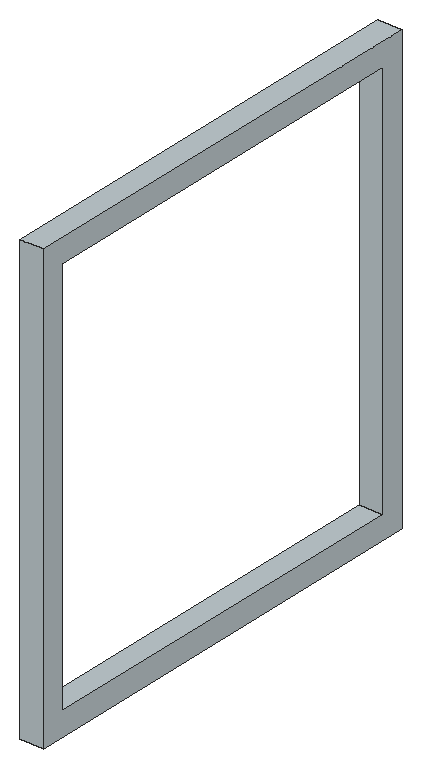
Revit family "CEASF", category Furniture, Revit 2023
Family settings
  OmniClass Number = 23.40.20.00
  OmniClass Title = General Furniture and Specialties
  Work Plane-Based = No
  Enable Cutting in Views = No
  Always vertical = Yes
  Cut with Voids When Loaded = No
  Render Appearance Source = Family Geometry
  Shared = Yes
  Room Calculation Point = No
Parameters (values of type "1 High")
  three = no
  Width = 0.625"
  Warranty = "http://www.teknion.com/ca/papers/legal-canada"
  Unit Weight URL = "http://www.teknion.com/ca/tools/assets#&asset=bee6a381-b954-425e-8283-5a2de3a804f2,f828d448-4b62-4231-9e5f-9a8991c0ed77"
  URL = "www.teknion.com"
  Two = no
  To render please download texture images found here [instance] = "https://assets.teknion.com/web/5e81352c1dfdb467/revit-material-swatches/"
  Sustainability Data = "https://www.teknion.com/ca/tools/assets#&topic=216f99a5-57a0-44fc-b10a-9dee9b29ae4c&asset=444deb64-fe58-4b68-981e-f75e97781df7,b4ff2d81-9f2e-437d-9659-7cffb09c31cf"
  Series = "Accesories"  # constant formula
  Product Page URL = "https://www.teknion.com/ca/products/product-details?productLineId=30ca1270-8e7a-673b-a6c8-ff05004460c4"
  Product Line = "Expansion Casework +"  # constant formula
  Product Documentation Link = "http://www.teknion.com/pricingguides/Casework/pdfs/CEASF_ppg.pdf\r\nhttp://www.teknion.com/pricingguides/Casework/pdfs/CEASF_ppg.pdf"
  Part Number = "CEASF1"
  Model = "CEASF"  # constant formula
  Manufacturer Phone = "416-661-3370"  # constant formula
  Manufacturer Fax = "416.661.4586"  # constant formula
  Manufacturer Contact Information = "http://www.teknion.com/ca/contactus"
  Manufacturer Address = "1150 Flint Road, Toronto, ON. M3J 2J5. Canada"  # constant formula
  Manufacturer = "Teknion"  # constant formula
  Length = 0.000"
  How To Use Teknion Materials User Guide [instance] = "https://assets.teknion.com/m/205dd0a49fa58060/original/How-to-add-a-Material-Library-and-Texture-Images-to-your-Revit-project.pdf"
  Height = if(Two, 23.374", if(three, 34.752", 12.000"))  # 12.000"
  Frame Finish [instance] = Paint-Accent-Teknion-A3-Pastel_Cobalt
  For Additional Finishes please visit [instance] = "https://assets.teknion.com/m/44a8009b046e5d47/original/Teknion_Materials_Library.zip"
  Description = "Metal Frame - Wall shelving Unit"  # constant formula
  Depth = 12.000"
  Default Elevation = 0.000"
  Assembly Code = "E2020200"
Types (4): name | three | Two | Part Number | Height | Frame Finish
  (no name) | no | no | "CEASF1" | 12.000" | Paint-Accent-Teknion-A3-Pastel_Cobalt
  1 High | no | no | "CEASF1" | 12.000" | Paint-Accent-Teknion-A3-Pastel_Cobalt
  3 High | yes | no | "CEASF3" | 34.752" | Paint - Teknion - CJ - Accent - Atmosphere
  2 High | no | yes | "CEASF2" | 23.374" | Paint - Teknion - Foundation - Soft Gris
Reference planes (in)
  plane 1 "Center Front/Back": y = 0
  plane 2: z = 0
  plane 3 "Center Left/Right": x = 0
  plane 4 "Left": x = -0.3125
  plane 5 "Right": x = 0.3125
  plane 6 "Back": y = 6
  plane 7 "Front": y = -6
  plane 8 "Top": z = 12
Forms (in)
  Sweep 1, solid, material "Paint-Accent-Teknion-A3-Pastel_Cobalt" <- "Frame Finish"
    path origin (0, 0, 0) x (0, 1, 0) y (0, 0, 1)
      loop
        line (-6, 12) -> (-6, 0) -> (6, 0) -> (6, 12) -> (-6, 12)
    profile origin (0, 0, 12) x (0, 0, 1) y (1, 0, 0)
      loop
        line (-0.6252, -0.3125) -> (0, -0.3125) -> (0, 0.3125) -> (-0.6252, 0.3125) -> (-0.6252, -0.3125)
  Sweep 2, solid, material "Paint-Accent-Teknion-A3-Pastel_Cobalt" <- "Frame Finish", visible <- "Two"
    path origin (0, 0, 0) x (0, 1, 0) y (0, 0, 1)
      loop
        line (0, 12) -> (0, 11.3748)
    profile origin (0, 0, 11.6874) x (1, 0, 0) y (0, 1, 0)
      loop
        line (-0.3125, 5.3748) -> (-0.3125, -5.3748) -> (0.3125, -5.3748) -> (0.3125, 5.3748) -> (-0.3125, 5.3748)
  Sweep 3, solid, material "Paint-Accent-Teknion-A3-Pastel_Cobalt" <- "Frame Finish", visible <- "three"
    path origin (0, 0, 11.37402) x (0, 1, 0) y (0, 0, 1)
      loop
        line (0, -10.75197) -> (0, -11.37717)
    profile origin (0, 0, 0.30945) x (1, 0, 0) y (0, 1, 0)
      loop
        line (-0.3125, 5.3748) -> (-0.3125, -5.3748) -> (0.3125, -5.3748) -> (0.3125, 5.3748) -> (-0.3125, 5.3748)
  Sweep 4, solid, material "Paint-Accent-Teknion-A3-Pastel_Cobalt" <- "Frame Finish", visible <- "three"
    path origin (0, 0, -0.00003) x (0, 1, 0) y (0, 0, 1)
      loop
        line (0, 12.00003) -> (0, 11.37483)
    profile origin (0, 0, 11.6874) x (1, 0, 0) y (0, 1, 0)
      loop
        line (-0.3125, 5.3748) -> (-0.3125, -5.3748) -> (0.3125, -5.3748) -> (0.3125, 5.3748) -> (-0.3125, 5.3748)
Lines and regions (in)
  Masking region 1
    outline origin (0, 0, 0) x (1, 0, 0) y (0, 1, 0)
      loop
        line (-0.3125, 6) -> (-0.3125, -6) -> (0.3125, -6) -> (0.3125, 6) -> (-0.3125, 6)
  symbolic lines, style "FurnitureHiddenLines"
    curve 1: line (0.3125, 5.3748, 0) -> (-0.3125, 5.3748, 0)
    curve 2: line (-0.3125, -5.3748, 0) -> (0.3125, -5.3748, 0)
Dimensions and locks (in)
  plane 4 "Left" to plane 5 "Right" = 0.625"
  "Depth": plane 6 "Back" to plane 7 "Front"
  plane 8 "Top" to level = 12.000"
  equal spacing: plane 7 "Front", plane 1 "Center Front/Back", plane 6 "Back"
  equal spacing: plane 4 "Left", plane 3 "Center Left/Right", plane 5 "Right"
  locked: plane 8 "Top" to Sweep 1 sketch curve at 0.6252
  "Height": plane 8 "Top" to plane 2
  aligned and locked: level to plane 2
  aligned and locked: plane 6 "Back" to Sweep 1 sketch curve
  aligned and locked: plane 7 "Front" to Sweep 1 sketch curve
  aligned and locked: plane 8 "Top" to Sweep 1 sketch curve  (x2)
  aligned and locked: Sweep 1 sketch curve to plane 2
  aligned and locked: Sweep 1 sketch curve to plane 4 "Left"
  aligned and locked: Sweep 1 sketch curve to plane 5 "Right"
  aligned and locked: Sweep 2 sketch curve to plane 1 "Center Front/Back"
  aligned and locked: Masking region 1 sketch curve to Sweep 1  (x4)
  aligned and locked: curve 1 to Sweep 4
  aligned and locked: curve 2 to Sweep 4
  aligned and locked: plane 4 "Left" to nested 1
  aligned and locked: nested 2 to plane 6 "Back"
  aligned and locked: nested 1 to plane 6 "Back"
  aligned and locked: nested 2 to plane 5 "Right"
Automatic sketch dimensions
  level to Sweep 2 sketch curve = 11.3748"
  Sweep 2 sketch curve to Sweep 2 sketch curve = 0.6252"
  Sweep 2 sketch curve to plane 3 "Center Left/Right" = 0.3125"
  plane 3 "Center Left/Right" to Sweep 2 sketch curve = 0.3125"
  profile plane to Sweep 2 sketch curve = 5.3748"
  Sweep 2 sketch curve to profile plane = 5.3748"
  Sweep 3 sketch curve to plane 1 "Center Front/Back" = 0.000"
  Sweep 3 sketch curve to plane 8 "Top" = 12.00315"
  Sweep 3 sketch curve to Sweep 3 sketch curve = 0.6252"
  Sweep 3 sketch curve to plane 3 "Center Left/Right" = 0.3125"
  plane 3 "Center Left/Right" to Sweep 3 sketch curve = 0.3125"
  profile plane to Sweep 3 sketch curve = 5.3748"
  Sweep 3 sketch curve to profile plane = 5.3748"
  Sweep 4 sketch curve to plane 1 "Center Front/Back" = 0.000"
  level to Sweep 4 sketch curve = 11.3748"
  Sweep 4 sketch curve to Sweep 4 sketch curve = 0.6252"
  Sweep 4 sketch curve to plane 3 "Center Left/Right" = 0.3125"
  plane 3 "Center Left/Right" to Sweep 4 sketch curve = 0.3125"
  profile plane to Sweep 4 sketch curve = 5.3748"
  Sweep 4 sketch curve to profile plane = 5.3748"
  curve 1 to plane 4 "Left" = 0.000"
  curve 1 to plane 5 "Right" = 0.000"
  curve 2 to plane 4 "Left" = 0.000"
  curve 2 to plane 5 "Right" = 0.000"
Nested families (in)
  nested 1: "Teknion_2D_Node_Family-R2021" at (-0.3125, 6, 0), type "Teknion_2D_Node_Family-R2021"
  nested 2: "Teknion_2D_Node_Family-R2021" at (0.3125, 6, 0), type "Teknion_2D_Node_Family-R2021"
Definition of nested family "Teknion_2D_Node_Family-R2021"
  Reference planes (in)
    plane 1 "Center (Front/Back)": y = 0
    plane 2: z = 0
    plane 3 "Center (Left/Right)": x = 0
  Lines and regions (in)
    detail lines, in view "Ref. Level"
      curve 1: circle (0, 0, 0) r 1.25 normal (0, 0, 1)
      curve 2: line (1.91508, -1.91508, 0) -> (-1.91508, 1.91508, 0)
      curve 3: line (-1.91508, -1.91508, 0) -> (1.91508, 1.91508, 0)
